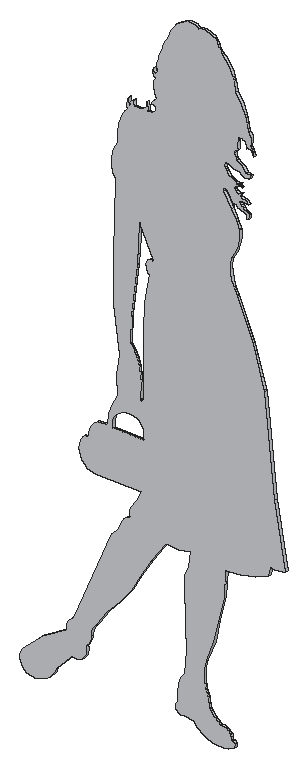
Revit family "Flat Lady 12", category Entourage, Revit 2015
Parameters
  Height = 0 mm
  Flat Material [instance] = none
Reference planes
  plane 1 "По центру (Вперед/Назад)": y = 0
  plane 2: z = 0
  plane 3 "По центру (Влево/Вправо)": x = 0
Forms (mm)
  Extrusion 1, solid, material <- "Flat Material"
    sketch origin (0, 0, 0) x (1, 0, 0) y (0, 0, 1)
      loop
        arc (-251.629, 1073.243) -> (-250.828, 955.226) -> (-236.179, 838.119) r 1003.654
        arc (-236.179, 838.119) -> (-242.679, 788.518) -> (-242.165, 738.495) r 356.19
        arc (-242.165, 738.495) -> (-260.283, 700.222) -> (-267.491, 658.496) r 156.681
        line (-267.491, 658.496) -> (-294.302, 657.601)
        arc (-294.302, 657.601) -> (-312.93, 637.171) -> (-319.627, 610.347) r 56.465
        arc (-319.627, 610.347) -> (-328.689, 610.474) -> (-336.014, 605.137) r 14.324
        arc (-336.014, 605.137) -> (-338.755, 555.149) -> (-295.787, 529.457) r 48.418
        arc (-295.787, 529.457) -> (-235.787, 527.863) -> (-175.865, 531.317) r 713.51
        arc (-175.865, 531.317) -> (-189.136, 504.756) -> (-206.8, 480.89) r 171.046
        arc (-206.8, 480.89) -> (-208.893, 469.224) -> (-207.545, 457.449) r 40.791
        arc (-207.545, 457.449) -> (-221.011, 451.505) -> (-229.482, 439.467) r 27.497
        arc (-229.482, 439.467) -> (-240.206, 418.463) -> (-255.963, 400.916) r 91.075
        arc (-255.963, 400.916) -> (-306.385, 282.215) -> (-358.174, 164.104) r 11180.554
        arc (-358.174, 164.104) -> (-373.885, 149.935) -> (-378.895, 129.379) r 35.918
        arc (-378.895, 129.379) -> (-439.527, 93.058) -> (-492.53, 46.301) r 386.445
        arc (-492.53, 46.301) -> (-494.803, -0.681) -> (-448.733, -10.169) r 36.164
        arc (-448.733, -10.169) -> (-421.286, 1.201) -> (-404.344, 25.605) r 52.719
        arc (-404.344, 25.605) -> (-383.992, 48.417) -> (-363.211, 70.84) r 1614.823
        arc (-363.211, 70.84) -> (-331.909, 78.036) -> (-324.444, 109.275) r 30.469
        arc (-324.444, 109.275) -> (-314.624, 122.538) -> (-311.067, 138.653) r 39.569
        arc (-311.067, 138.653) -> (-306.904, 156.232) -> (-296.218, 170.798) r 45.421
        arc (-296.218, 170.798) -> (-267.647, 210.642) -> (-234.345, 246.625) r 393.621
        arc (-234.345, 246.625) -> (-204.429, 284.083) -> (-180.722, 325.749) r 306.404
        line (-180.722, 325.749) -> (-149.373, 375.202)
        arc (-149.373, 375.202) -> (-129.577, 401.692) -> (-110.6, 428.775) r 1082.308
        arc (-110.6, 428.775) -> (-77.438, 427.16) -> (-44.602, 432.072) r 168.648
        arc (-44.602, 432.072) -> (-48.016, 413.459) -> (-51.148, 394.797) r 1255.981
        arc (-51.148, 394.797) -> (-59.237, 376.183) -> (-61.873, 356.059) r 72.813
        arc (-61.873, 356.059) -> (-61.229, 303.296) -> (-59.398, 250.56) r 2345.336
        arc (-59.398, 250.56) -> (-57.473, 192.386) -> (-61.873, 134.346) r 535.5
        arc (-61.873, 134.346) -> (-72.249, 121.302) -> (-77.547, 105.499) r 48.069
        arc (-77.547, 105.499) -> (-81.475, 82.588) -> (-81.672, 59.343) r 144.279
        arc (-81.672, 59.343) -> (-84.163, 42.127) -> (-68.473, 34.617) r 14.682
        arc (-68.473, 34.617) -> (-52.72, 33.713) -> (-37.124, 31.32) r 166.303
        arc (-37.124, 31.32) -> (-20.957, 12.821) -> (0, 0) r 81.247
        arc (0, 0) -> (35.022, -6.187) -> (69.298, 3.297) r 80.618
        arc (69.298, 3.297) -> (73.462, 14.009) -> (63.523, 19.781) r 8.84
        arc (63.523, 19.781) -> (63.098, 25.608) -> (61.873, 31.32) r 42.195
        arc (61.873, 31.32) -> (49.876, 42.782) -> (33.824, 46.98) r 33.089
        arc (33.824, 46.98) -> (18.073, 60.538) -> (4.95, 76.652) r 117.82
        arc (4.95, 76.652) -> (1.342, 98.665) -> (-6.6, 119.511) r 110.871
        arc (-6.6, 119.511) -> (-9.558, 153.528) -> (-3.3, 187.096) r 126.352
        arc (-3.3, 187.096) -> (16.219, 237.861) -> (28.049, 290.946) r 368.303
        arc (28.049, 290.946) -> (44.139, 355.068) -> (47.81, 421.076) r 347.941
        arc (47.81, 421.076) -> (107.532, 428.948) -> (163.998, 449.932) r 268.608
        arc (163.998, 449.932) -> (166.526, 460.189) -> (168.516, 470.563) r 202.731
        arc (168.516, 470.563) -> (189.038, 468.517) -> (208.672, 474.832) r 50.587
        arc (208.672, 474.832) -> (192.442, 555.261) -> (179.708, 636.317) r 1895.44
        arc (179.708, 636.317) -> (171.492, 761.711) -> (152.203, 885.885) r 1417.535
        arc (152.203, 885.885) -> (122.382, 990.651) -> (79.793, 1090.907) r 876.258
        arc (79.793, 1090.907) -> (62.469, 1131.183) -> (64.141, 1174.996) r 99.487
        arc (64.141, 1174.996) -> (82.151, 1210.075) -> (85.318, 1249.379) r 100.752
        arc (85.318, 1249.379) -> (76.895, 1272.588) -> (65.122, 1294.29) r 165.914
        arc (65.122, 1294.29) -> (54.554, 1312.239) -> (43.297, 1329.763) r 535.922
        arc (43.297, 1329.763) -> (45.99, 1336.657) -> (52.745, 1333.636) r 5.112
        arc (52.745, 1333.636) -> (62, 1319.158) -> (68.053, 1303.077) r 82.44
        arc (68.053, 1303.077) -> (68.596, 1308.435) -> (73.917, 1309.261) r 4.403
        arc (73.917, 1309.261) -> (83.172, 1300.997) -> (95.09, 1297.545) r 27.999
        arc (95.09, 1297.545) -> (103.401, 1292.366) -> (103.559, 1282.574) r 10.237
        arc (103.559, 1282.574) -> (110.454, 1286.636) -> (111.051, 1294.616) r 8.634
        arc (111.051, 1294.616) -> (95.654, 1304.822) -> (84.026, 1319.175) r 60.894
        arc (84.026, 1319.175) -> (97.002, 1321.576) -> (109.759, 1318.198) r 30.118
        arc (109.759, 1318.198) -> (96.667, 1327.267) -> (81.42, 1331.867) r 51.117
        arc (81.42, 1331.867) -> (87.499, 1334.349) -> (92.477, 1338.63) r 20.43
        arc (92.477, 1338.63) -> (80.157, 1337.694) -> (72.625, 1347.488) r 12.991
        arc (72.625, 1347.488) -> (81.465, 1354.644) -> (92.821, 1353.997) r 15.779
        arc (92.821, 1353.997) -> (82.083, 1357.881) -> (70.67, 1358.228) r 36.197
        arc (70.67, 1358.228) -> (80.663, 1359.888) -> (90.541, 1362.133) r 172.327
        arc (90.541, 1362.133) -> (65.879, 1365.001) -> (49.823, 1383.938) r 33.818
        arc (49.823, 1383.938) -> (47.511, 1395.961) -> (59.595, 1397.932) r 8.538
        arc (59.595, 1397.932) -> (71.178, 1390.877) -> (84.635, 1389.183) r 32.386
        arc (84.635, 1389.183) -> (97.415, 1381.239) -> (112.365, 1382.961) r 22.86
        arc (112.365, 1382.961) -> (114.824, 1387.021) -> (116.6, 1391.423) r 29.513
        arc (116.6, 1391.423) -> (109.438, 1391.873) -> (102.593, 1394.026) r 29.714
        arc (102.593, 1394.026) -> (92.077, 1406.714) -> (78.464, 1416.001) r 59.054
        arc (78.464, 1416.001) -> (74.079, 1423.959) -> (72.601, 1432.924) r 26.822
        arc (72.601, 1432.924) -> (76.936, 1437.443) -> (82.048, 1441.061) r 32.965
        arc (82.048, 1441.061) -> (80.39, 1451.637) -> (82.048, 1462.214) r 34.569
        arc (82.048, 1462.214) -> (84.158, 1470.98) -> (93.123, 1470.025) r 6.834
        arc (93.123, 1470.025) -> (102.078, 1463.184) -> (103.988, 1452.078) r 15.419
        arc (103.988, 1452.078) -> (109.144, 1454.445) -> (114.023, 1451.55) r 6.109
        arc (114.023, 1451.55) -> (119.092, 1445.296) -> (122.765, 1438.132) r 38.907
        arc (122.765, 1438.132) -> (120.411, 1450.444) -> (114.622, 1461.563) r 43.213
        arc (114.622, 1461.563) -> (116.661, 1478.484) -> (109.108, 1493.762) r 29.85
        arc (109.108, 1493.762) -> (98.05, 1537.551) -> (75.849, 1576.882) r 169.957
        arc (75.849, 1576.882) -> (61.747, 1624.752) -> (30.935, 1664.009) r 132.479
        arc (30.935, 1664.009) -> (10.958, 1691.842) -> (-23.264, 1693.442) r 39.32
        arc (-23.264, 1693.442) -> (-44.744, 1702.988) -> (-66.072, 1693.108) r 28.44
        arc (-66.072, 1693.108) -> (-82.436, 1684.847) -> (-92.815, 1669.737) r 36.945
        arc (-92.815, 1669.737) -> (-100.409, 1658.051) -> (-105.279, 1644.993) r 63.659
        arc (-105.279, 1644.993) -> (-113.807, 1633.309) -> (-120.183, 1620.324) r 83.181
        arc (-120.183, 1620.324) -> (-120.887, 1610.85) -> (-126.496, 1603.182) r 17.27
        arc (-126.496, 1603.182) -> (-130.3, 1592.839) -> (-130.866, 1581.834) r 36.75
        arc (-130.866, 1581.834) -> (-137.546, 1570.518) -> (-134.923, 1557.641) r 18.307
        arc (-134.923, 1557.641) -> (-138.933, 1548.215) -> (-143.746, 1557.258) r 5.676
        arc (-143.746, 1557.258) -> (-146.617, 1544.714) -> (-139.777, 1533.813) r 16.814
        arc (-139.777, 1533.813) -> (-145.3, 1523.424) -> (-145.281, 1511.657) r 24.244
        arc (-145.281, 1511.657) -> (-142.325, 1501.484) -> (-138.646, 1491.549) r 147.269
        arc (-138.646, 1491.549) -> (-138.514, 1484.519) -> (-143.178, 1479.258) r 9.672
        arc (-143.178, 1479.258) -> (-147.757, 1475.486) -> (-150.343, 1470.147) r 13.877
        arc (-150.343, 1470.147) -> (-141.73, 1467.51) -> (-139.336, 1458.827) r 9.354
        arc (-139.336, 1458.827) -> (-147.46, 1449.808) -> (-159.57, 1448.962) r 16.206
        arc (-159.57, 1448.962) -> (-159.299, 1459.316) -> (-163.362, 1468.844) r 24.32
        arc (-163.362, 1468.844) -> (-165.327, 1456.937) -> (-174.437, 1449.02) r 17.798
        arc (-174.437, 1449.02) -> (-185.3, 1448.319) -> (-196.124, 1449.481) r 63.534
        arc (-196.124, 1449.481) -> (-198.041, 1455.875) -> (-196.586, 1462.39) r 13.204
        arc (-196.586, 1462.39) -> (-204.347, 1456.373) -> (-208.352, 1447.407) r 20.192
        arc (-208.352, 1447.407) -> (-211.577, 1455.924) -> (-210.198, 1464.925) r 17.914
        arc (-210.198, 1464.925) -> (-216.146, 1450.616) -> (-215.509, 1435.132) r 35.899
        arc (-215.509, 1435.132) -> (-223.899, 1424.745) -> (-229.814, 1412.773) r 60.685
        arc (-229.814, 1412.773) -> (-240.095, 1379.518) -> (-241.15, 1344.725) r 129.544
        arc (-241.15, 1344.725) -> (-258.161, 1301.519) -> (-247.816, 1256.252) r 78.595
        arc (-247.816, 1256.252) -> (-249.288, 1164.738) -> (-251.629, 1073.243) r 9631.09
      loop
        arc (-171.295, 913.587) -> (-168.269, 986.638) -> (-154.458, 1058.436) r 492.395
        arc (-154.458, 1058.436) -> (-162.662, 1065.541) -> (-164.747, 1076.192) r 16.656
        arc (-164.747, 1076.192) -> (-159.77, 1091.385) -> (-144.169, 1094.882) r 16.178
        arc (-144.169, 1094.882) -> (-162.3, 1133.942) -> (-181.584, 1172.447) r 1449.42
        arc (-181.584, 1172.447) -> (-183.461, 1121.893) -> (-188.132, 1071.519) r 913.981
        arc (-188.132, 1071.519) -> (-194.324, 1007.213) -> (-204.968, 943.491) r 929.617
        arc (-204.968, 943.491) -> (-204.994, 909.823) -> (-206.839, 876.206) r 622.954
        arc (-206.839, 876.206) -> (-192.286, 852.792) -> (-183.455, 826.677) r 120.105
        arc (-183.455, 826.677) -> (-177.732, 789.508) -> (-178.778, 751.916) r 208.545
        arc (-178.778, 751.916) -> (-172.402, 750.034) -> (-171.295, 756.589) r 4.443
        arc (-171.295, 756.589) -> (-173.175, 835.088) -> (-171.295, 913.587) r 1639.573
      loop
        arc (-171.753, 658.026) -> (-179.431, 693.729) -> (-213.08, 707.918) r 39.544
        arc (-213.08, 707.918) -> (-244.848, 691.494) -> (-253.834, 656.88) r 43.868
        line (-253.834, 656.88) -> (-171.753, 658.026)
    from -2.5 to 2.5
Lines and regions (mm)
  model lines
    curve 1: line (-150, 0, 0) -> (150, 0, 0)
    curve 2: line (0, -150, 0) -> (0, 150, 0)
